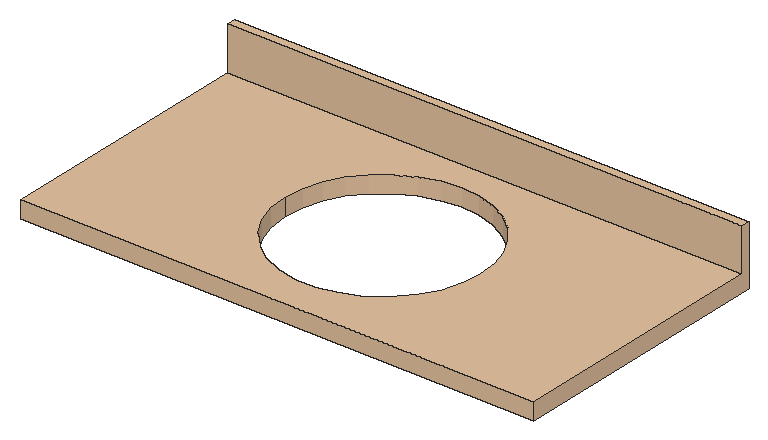
Revit family
Parameters (values of type "600mm Depth")
  Counter Thickness = 40 mm
  Counter Top Material = none
  Depth = 625 mm
  Height [instance] = 750 mm
  Length [instance] = 1200 mm
  Sink Location [instance] = 600 mm
  Sink Location To Wall [instance] = 100 mm
  Sink Opening Width [instance] = 432 mm
Reference planes
  plane 1 "Back": y = 0
  plane 2: z = 0
  plane 3 "Left": x = -1327.462
  plane 4 "Right": x = -127.462
  plane 5 "Front": y = -625
  plane 6 "Top": z = 750
  plane 7: z = 710
  plane 8: y = -19.05
  plane 9: z = 851.6
  plane 10: x = -727.462
  plane 11: y = -100
  plane 12: x = -511.462
  plane 13: x = -943.462
  plane 14: y = -316
  plane 15: y = -532
Forms (mm)
  Extrusion 1, solid, material <- "Counter Top Material"
    sketch origin (0, 0, 0) x (1, 0, 0) y (0, 1, 0)
      loop
        line (-1327.462, 0) -> (-1327.462, -625) -> (-127.462, -625) -> (-127.462, 0) -> (-1327.462, 0)
    from 710 to 750
  Extrusion 2, solid, material <- "Counter Top Material"
    sketch origin (0, 0, 0) x (1, 0, 0) y (0, 1, 0)
      loop
        line (-127.462, 0) -> (-1327.462, 0) -> (-1327.462, -19.05) -> (-127.462, -19.05) -> (-127.462, 0)
    from 750 to 851.6
  Extrusion 3, void
    sketch origin (0, 0, 0) x (1, 0, 0) y (0, 1, 0)
      loop
        circle (-727.462, -316) r 228.7
    from 710 to 750
Cuts and joins
  Extrusion 3 cuts Extrusion 1
  Extrusion 3 cuts Extrusion 2
  joined: Extrusion 1, Extrusion 2
Lines and regions (mm)
  Masking region 1
    outline origin (0, 0, 0) x (1, 0, 0) y (0, 1, 0)
      loop
        line (-1327.462, -625) -> (-127.462, -625) -> (-127.462, 0) -> (-1327.462, 0) -> (-1327.462, -625)
  symbolic lines, style "Counter Top"
    curve 1: line (-1327.462, -19.05, 0) -> (-127.462, -19.05, 0)
  symbolic lines, style "Sink Opening"
    curve 2: arc (-511.462, -316, 0) -> (-727.462, -100, 0) -> (-943.462, -316, 0) r 216
    curve 3: arc (-943.462, -316, 0) -> (-727.462, -532, 0) -> (-511.462, -316, 0) r 216
Dimensions and locks
  "Depth": plane 5 "Front" to plane 1 "Back"
  "Length": plane 3 "Left" to plane 4 "Right"
  "Height": level to plane 6 "Top"
  "Counter Thickness": plane 7 to plane 6 "Top"
  locked: plane 8 to plane 1 "Back" at 19.05
  plane 6 "Top" to plane 9 = 101.6 mm
  "Sink Opening Width": plane 13 to plane 12
  "Sink Location": plane 3 "Left" to plane 10
  equal spacing: plane 13, plane 10, plane 12
  "Sink Location To Wall": plane 11 to plane 1 "Back"
  equal spacing: plane 15, plane 14, plane 11
  "Sink Opening Width": plane 15 to plane 11
  aligned and locked: plane 1 "Back" to Extrusion 1 sketch curve
  aligned and locked: plane 4 "Right" to Extrusion 1 sketch curve
  aligned and locked: Extrusion 1 sketch curve to plane 5 "Front"
  aligned and locked: Extrusion 1 sketch curve to plane 3 "Left"
  aligned and locked: plane 6 "Top" to Extrusion 1
  aligned and locked: Extrusion 1 to plane 7
  aligned and locked: Extrusion 2 sketch curve to plane 1 "Back"
  aligned and locked: plane 8 to Extrusion 2 sketch curve
  aligned and locked: Extrusion 2 sketch curve to plane 4 "Right"
  aligned and locked: plane 3 "Left" to Extrusion 2 sketch curve
  aligned and locked: Extrusion 2 to plane 9
  aligned and locked: Extrusion 2 to plane 6 "Top"
  aligned and locked: plane 6 "Top" to Extrusion 3
  aligned and locked: Extrusion 1 to Extrusion 3
  aligned: cut or joined group of Extrusion 1, Extrusion 2, Extrusion 3 to Masking region 1 sketch curve
  aligned: Masking region 1 sketch curve to cut or joined group of Extrusion 1, Extrusion 2, Extrusion 3  (x3)
Automatic sketch dimensions
  curve 1 to plane 3 "Left" = 0 mm
  curve 3 to plane 14 = 0 mm
  curve 2 to plane 10 = 0 mm
  curve 1 to plane 8 = 0 mm
  plane 13 to curve 2 = 0 mm
  Extrusion 3 sketch curve to plane 14 = 0 mm
  Extrusion 3 sketch curve to plane 10 = 0 mm
  plane 13 to Extrusion 3 sketch curve = 12.7 mm
  curve 1 to plane 4 "Right" = 0 mm
  Masking region 1 sketch curve to plane 1 "Back" = 0 mm
  Masking region 1 sketch curve to plane 3 "Left" = 0 mm
  Masking region 1 sketch curve to plane 4 "Right" = 0 mm
  Masking region 1 sketch curve to plane 5 "Front" = 0 mm
